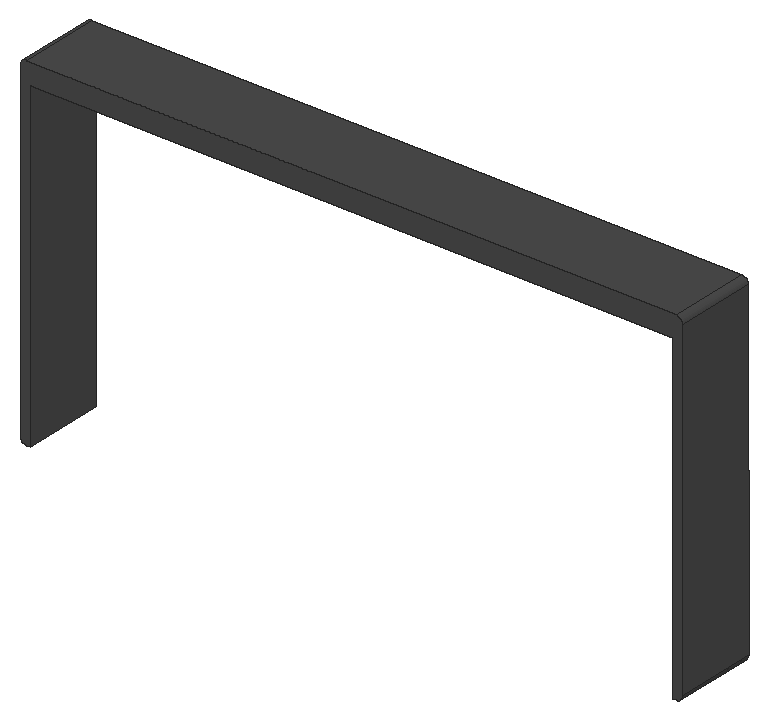
Revit family "WashbasinUnit-Vitra-EqualSeries-64085-64086-64088-64094-64097", category Furniture Systems, host Face, Revit 2017
Family settings
  Host = Face
  Round Connector Dimension = Use Diameter
  Part Type = Normal
  OmniClass Number = 23.40.00.00
  OmniClass Title = Equipment and Furnishings
  Cut with Voids When Loaded = No
  Shared = Yes
  Room Calculation Point = No
Parameters (values of type "WashbasinUnit-WithAsymmetricWashbasin-Vitra-EqualSeries-100cm_64085")
  Youtube = "https://www.youtube.com/user/VitrAglobal"
  Width(mm) = 1026 mm
  Weight Net (kg) = "37,500"
  Warranty Period (Year) = "2"
  Uniformat II Description = "FURNISHINGS"
  Uniformat II Code = "E20"
  Uniclass 2015 Name = "Wash basins, sinks and troughs"
  Uniclass 2015 Code = "Pr_40_20_93"
  Uniclass 2.0 Description = "Bathroom Cabinets"
  Uniclass 1.4 Description = "Bathroom Cabinets"
  Uniclass 2.0 Code = "PR-35-75-08"
  Uniclass 1.4 Code = "L8241"
  URL = "https://vitraglobal.com/"
  UNSPSC Description = "Bathroom Cabinets"
  UNSPSC Code = "301815"
  Towel Holder = no
  Technical description = "https://www.vitra.com.tr/pdf/64085/"
  Tap hole Options (default) = ""
  Specification = ""
  Region South America = "All"
  Region Oceania = "All"
  Region North America = "All"
  Region Middle East = "All"
  Region Europe = "All"
  Region Asia = "All"
  Region Antarctica = "All"
  Region Africa = "All"
  Product group = "Washbasin Unit"
  Product family = "Equal"
  Product data url = "https://www.vitraglobal.com/bathroom-furniture/washbasin-unit/free/equal-washbasin-unit-100-cm-with-asymmetric-washbasin-patterned-black-oak-sku-64085"
  Product certification = "https://vitraglobal.com/catalogues/quality-certificates"
  Product SKU = "64085"
  Product Guid = ""
  Primary Material = Vitra-Matte Black
  OmniClass Description = "Bathroom Cabinets"
  OmniClass Code = "23-31 25 13"
  Nominal width = "0.000"
  Nominal height = "0.000"
  NBS Referans Description = "Bathroom Cabinets"
  NBS Referans Code = "35-75-08"
  Model = "64085"
  Masterformat 2014 Description = "Bathroom Unit Modules"
  Masterformat 2014 Code = "13 42 13"
  Manufacturer name = "Vitra"
  Manufacturer = "Vitra"
  Installation instructions = ""
  IFC Classification = "Furniture"
  Help = ""
  Height(mm) = 183 mm
  Design country = "Turkey"
  Description = "Equal Washbasin Unit, 100 cm, with Asymmetric Washbasin,"
  Depth(mm) = 515 mm
  Default Elevation = 660 mm
  Construction Type = "Face Mounted"
  Color = ""
  COBIe Type Category = ""
  BIMobject category = "Bathroom compound units"
  Article No. (default) = "64085"
  Accessories (default) = ""
Types (6, lengths in mm): name | Width(mm) | Weight Net (kg) | Towel Holder | Technical description | Product data url | Product SKU | Primary Material | Model | Description | Article No. (default)
  (no name) | 1026 | "37,500" | no | "https://www.vitra.com.tr/pdf/64085/" | "https://www.vitraglobal.com/bathroom-furniture/washbasin-unit/free/equal-washbasin-unit-100-cm-with-asymmetric-washbasin-patterned-black-oak-sku-64085" | "64085" | Vitra-Matte Black | "64085" | "Equal Washbasin Unit, 100 cm, with Asymmetric Washbasin," | "64085"
  WashbasinUnit-WithTowelHolder-Vitra-EqualSeries-100cm_64088 | 1026 | "36,600" | yes | "https://www.vitra.com.tr/pdf/64088/" | "https://www.vitraglobal.com/bathroom-furniture/washbasin-unit/free/equal-washbasin-unit-100-cm-with-asymmetric-washbasin-with-towel-holder-patterned-black-oak-sku-64088" | "64088" | Vitra-Matte Black | "64088" | "Equal Washbasin Unit, 100 cm, with Asymmetric Washbasin, with Towel Holder" | "64088"
  WashbasinUnit-WithDoubleWashbasin-WithTowelHolder-Vitra-EqualSeries-130cm_64097 | 1325 | "38,000" | yes | "https://www.vitra.com.tr/pdf/64097/" | "https://www.vitraglobal.com/bathroom-furniture/washbasin-unit/free/equal-washbasin-unit-130-cm-with-double-washbasin-with-towel-holder-patterned-black-oak-sku-64097" | "64097" | Vitra-Matte Black | "64097" | "Equal Washbasin Unit, 130 cm, with Double Washbasin, with Towel Holder" | "64097"
  WashbasinUnit-WithAsymmetricWashbasin-Vitra-EqualSeries-100cm_64085 | 1026 | "37,500" | no | "https://www.vitra.com.tr/pdf/64085/" | "https://www.vitraglobal.com/bathroom-furniture/washbasin-unit/free/equal-washbasin-unit-100-cm-with-asymmetric-washbasin-patterned-black-oak-sku-64085" | "64085" | Vitra-Matte Black | "64085" | "Equal Washbasin Unit, 100 cm, with Asymmetric Washbasin," | "64085"
  WashbasinUnit-WithAsymmetricWashbasin-Vitra-EqualSeries-100cm_64086 | 1026 | "37,500" | no | "https://www.vitra.com.tr/pdf/64086/" | "https://www.vitraglobal.com/bathroom-furniture/washbasin-unit/free/equal-washbasin-unit-100-cm-with-asymmetric-washbasin-elm-sku-64086" | "64086" | Vitra-Elm | "64086" | "Equal Washbasin Unit, 100 cm, with Asymmetric Washbasin," | "64086"
  WashbasinUnit-WithDoubleWashbasin-Vitra-EqualSeries-130cm_64094 | 1325 | "33,800" | no | "https://www.vitra.com.tr/pdf/64094/" | "https://www.vitraglobal.com/bathroom-furniture/washbasin-unit/free/equal-washbasin-unit-130-cm-with-double-washbasin-patterned-black-oak-sku-64094" | "64094" | Vitra-Matte Black | "64094" | "Equal Washbasin Unit, 130 cm, with Double Washbasin" | "64094"
Reference planes
  plane 1 "Center (Front/Back)": y = 0
  plane 2: z = -0.016
  plane 3 "Center (Left/Right)": x = 0.084
  plane 4: x = 513.084
  plane 5: x = -512.916
  plane 6: y = 136.281
  plane 7: y = -46.719
  plane 8: z = 514.984
  plane 9: x = 503.517
  plane 10: x = -503.422
Forms (mm)
  Extrusion 1, solid, material "Vitra-Matte Black" <- "Primary Material"
    sketch origin (-494.416, 136.281, 249.646) x (0, 0, 1) y (1, 0, 0)
      loop
        line (-239.5, 0) -> (255.338, 0)
        arc (255.338, 0) -> (262.409, 2.929) -> (265.338, 10) r 10
        line (265.338, 10) -> (265.338, 979)
        arc (265.338, 979) -> (262.409, 986.071) -> (255.338, 989) r 10
        line (255.338, 989) -> (-239.5, 989)
        arc (-239.5, 989) -> (-246.571, 986.071) -> (-249.5, 979) r 10
        line (-249.5, 979) -> (-249.5, 973) -> (233.338, 973) -> (233.338, 16) -> (-249.5, 16) -> (-249.5, 10)
        arc (-249.5, 10) -> (-246.571, 2.929) -> (-239.5, 0) r 10
    from 0 to -121.5
  Extrusion 2, solid, visible <- "Towel Holder"
    sketch origin (-512.916, -42.767, 502.146) x (0, 1, 0) y (0, 0, -1)
      loop
        circle (4.048, 0.27) r 5
    from 0 to -1026
  Extrusion 3, solid, visible <- "Towel Holder"
    sketch origin (-488.916, 14.859, 500.146) x (-1, 0, 0) y (0, -1, 0)
      loop
        circle (-977.939, 6.685) r 8
    from 0 to -500.162
  Extrusion 4, solid, visible <- "Towel Holder"
    sketch origin (-1466.884, 14.859, 500.146) x (-1, 0, 0) y (0, -1, 0)
      loop
        circle (-977.939, 6.685) r 8
    from 0 to -500.162
  Extrusion 5, solid, visible <- "Towel Holder"
    sketch origin (-508.982, -46.719, 490.646) x (0, 0, -1) y (1, 0, 0)
      loop
        circle (0.189, 1012.498) r 6.457
    from 0 to -88
  Extrusion 6, solid, visible <- "Towel Holder"
    sketch origin (-1515.92, -46.719, 490.646) x (0, 0, -1) y (1, 0, 0)
      loop
        circle (0.189, 1012.498) r 6.457
    from 0 to -88
Dimensions and locks
  equal spacing: plane 5, plane 3 "Center (Left/Right)", plane 4
  "Width(mm)": plane 5 to plane 4
  "Height(mm)": plane 6 to plane 7
  "Depth(mm)": host face to plane 8
  locked: plane 9 to plane 4 at 9.568
  locked: plane 5 to plane 10 at 9.494
  aligned and locked: plane 2 to host face
  aligned and locked: level to host face
  aligned and locked: plane 4 to Extrusion 2
  aligned and locked: plane 5 to Extrusion 2
  aligned and locked: plane 9 to Extrusion 5
  aligned and locked: plane 10 to Extrusion 6
Automatic sketch dimensions
  host sketch curve to host sketch curve = 2438.4 mm  (x2)
  Extrusion 1 sketch curve to plane 8 = 0 mm
  plane 8 to Extrusion 1 sketch curve = 10 mm  (x2)
  Extrusion 1 sketch curve to Extrusion 1 sketch curve = 22 mm
  level to Extrusion 1 sketch curve = 10.146 mm  (x2)
  level to Extrusion 1 sketch curve = 0.146 mm  (x2)
  Extrusion 1 sketch curve to plane 5 = 18.5 mm
  Extrusion 1 sketch curve to Extrusion 1 sketch curve = 6 mm  (x2)
  plane 4 to Extrusion 1 sketch curve = 34.5 mm
  plane 7 to Extrusion 2 sketch curve = 8 mm
  plane 8 to Extrusion 2 sketch curve = 13.108 mm
  Extrusion 3 sketch curve to Extrusion 3 sketch curve = 0 mm  (x2)
  Extrusion 3 sketch curve to plane 1 "Center (Front/Back)" = 8.174 mm
  plane 4 to Extrusion 3 sketch curve = 24.061 mm
  Extrusion 3 sketch curve to Extrusion 3 sketch curve = 8 mm
  Extrusion 4 sketch curve to Extrusion 4 sketch curve = 0 mm  (x2)
  Extrusion 4 sketch curve to plane 1 "Center (Front/Back)" = 8.174 mm
  Extrusion 4 sketch curve to plane 5 = 23.97 mm
  Extrusion 4 sketch curve to Extrusion 4 sketch curve = 8 mm
  Extrusion 5 sketch curve to Extrusion 5 sketch curve = 0 mm  (x2)
  plane 4 to Extrusion 5 sketch curve = 9.568 mm
  plane 8 to Extrusion 5 sketch curve = 24.527 mm
  Extrusion 5 sketch curve to Extrusion 5 sketch curve = 6.457 mm
  Extrusion 6 sketch curve to Extrusion 6 sketch curve = 0 mm  (x2)
  Extrusion 6 sketch curve to plane 5 = 9.494 mm
  plane 8 to Extrusion 6 sketch curve = 24.527 mm
  Extrusion 6 sketch curve to Extrusion 6 sketch curve = 6.457 mm
  radius of Extrusion 2 sketch curve = 5 mm
